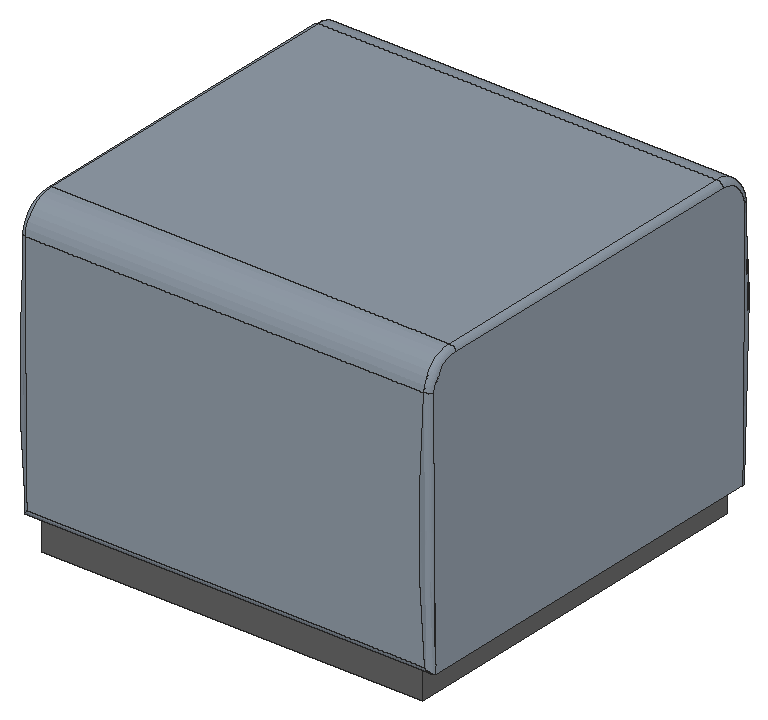
Revit family "FU_Modular_Sandler_Pau 1610TA", category Furniture, Revit 2020
Family settings
  OmniClass Number = 23.40.20.00
  OmniClass Title = General Furniture and Specialties
  Work Plane-Based = No
  Always vertical = Yes
  Cut with Voids When Loaded = No
  Shared = No
  Room Calculation Point = No
Parameters (values of type "PAU1610TA")
  Width = 550 mm
  URL = "https://www.sandlerseating.com/product/pau1610ta/"
  Seat [instance] = Fabric - Gravity - Frozen CPC27
  Model = "PAU1610TA"
  Manufacturer = "Sandler"
  Height = 420 mm
  Frame [instance] = Lacquer - W1 - B00 Black
  Description = "Upholstered modular seat measuring 55x55cm."
  Depth = 550 mm
  Default Elevation = 0 mm
Reference planes
  plane 1 "Center (Front/Back)": y = 0
  plane 2: z = 0
  plane 3 "Center (Left/Right)": x = 0
  plane 4 "Right": x = -275
  plane 5 "Left": x = 275
  plane 6 "Back": y = 275
  plane 7 "Front": y = -275
  plane 8 "Height": z = 420
  plane 9 "Base height": z = 40
  plane 10 "Right Base": x = -255
  plane 11 "Left Base": x = 255
  plane 12 "Front Base": y = -255
  plane 13 "Back Base": y = 255
Forms (mm)
  Extrusion 1, solid, material "Lacquer - W1 - B00 Black" <- "Frame"
    sketch origin (0, 0, 0) x (1, 0, 0) y (0, 1, 0)
      loop
        line (-255, 255) -> (-255, -255) -> (255, -255) -> (255, 255) -> (-255, 255)
    from 0 to 40
  Extrusion 2, solid, material "Fabric - Gravity - Frozen CPC27" <- "Seat"
    sketch origin (0, 0, 0) x (0, 1, 0) y (0, 0, 1)
      loop
        arc (-266.253, 48.99) -> (-263.008, 42.58) -> (-256.304, 40) r 10
        line (-256.304, 40) -> (256.304, 40)
        arc (256.304, 40) -> (263.008, 42.58) -> (266.253, 48.99) r 10
        arc (266.253, 48.99) -> (275.049, 214.459) -> (267.907, 380.008) r 1722.784
        arc (267.907, 380.008) -> (253.752, 408.499) -> (224.09, 420) r 44
        line (224.09, 420) -> (-224.09, 420)
        arc (-224.09, 420) -> (-253.752, 408.499) -> (-267.907, 380.008) r 44
        arc (-267.907, 380.008) -> (-275.049, 214.459) -> (-266.253, 48.99) r 1722.784
    from -275 to 275
  Sweep 3, void
    path in 3D
      loop
        arc (-275, -260.567, 0) -> (-275, -274.749, 189.801) -> (-275, -267.907, 380.008) r 1722.784
        arc (-275, -267.907, 380.008) -> (-275, -253.752, 408.499) -> (-275, -224.09, 420) r 44
        line (-275, -224.09, 420) -> (-275, 224.09, 420)
        arc (-275, 224.09, 420) -> (-275, 253.752, 408.499) -> (-275, 267.907, 380.008) r 44
        arc (-275, 267.907, 380.008) -> (-275, 274.749, 189.801) -> (-275, 260.567, 0) r 1722.784
    profile "Pro_edgeCut_10mm : Pro_edgeCut_10mm" origin (-275, 0, 420) x (-1, 0, 0) y (0, 0, 1)
      loop
        line (21.413, -6.871) -> (-6.871, 21.413) -> (-13.942, 0.2) -> (-9.8, 0.2)
        arc (-9.8, 0.2) -> (-2.729, -2.729) -> (0.2, -9.8) r 10
        line (0.2, -9.8) -> (0.2, -13.942) -> (21.413, -6.871)
  Sweep 4, void
    path in 3D
      loop
        arc (275, -260.567, 0) -> (275, -274.749, 189.801) -> (275, -267.907, 380.008) r 1722.784
        arc (275, -267.907, 380.008) -> (275, -253.752, 408.499) -> (275, -224.09, 420) r 44
        line (275, -224.09, 420) -> (275, 224.09, 420)
        arc (275, 224.09, 420) -> (275, 253.752, 408.499) -> (275, 267.907, 380.008) r 44
        arc (275, 267.907, 380.008) -> (275, 274.749, 189.801) -> (275, 260.567, 0) r 1722.784
    profile "Pro_edgeCut_10mm : Pro_edgeCut_10mm" origin (275, 0, 420) x (-1, 0, 0) y (0, 0, 1)
      loop
        line (6.871, 21.413) -> (-21.413, -6.871) -> (-0.2, -13.942) -> (-0.2, -9.8)
        arc (-0.2, -9.8) -> (2.729, -2.729) -> (9.8, 0.2) r 10
        line (9.8, 0.2) -> (13.942, 0.2) -> (6.871, 21.413)
Cuts and joins
  Sweep 3, Sweep 4 cuts Extrusion 2
Lines and regions (mm)
  sketch lines
    curve 1: line (-275, -224.09, 420) -> (-275, 224.09, 420)
    curve 2: arc (-275, 267.907, 380.008) -> (-275, 253.752, 408.499) -> (-275, 224.09, 420) r 44
    curve 3: arc (-275, 260.567, 0) -> (-275, 274.749, 189.801) -> (-275, 267.907, 380.008) r 1722.784
    curve 4: arc (-275, -224.09, 420) -> (-275, -253.752, 408.499) -> (-275, -267.907, 380.008) r 44
    curve 5: arc (-275, -267.907, 380.008) -> (-275, -274.749, 189.801) -> (-275, -260.567, 0) r 1722.784
    curve 6: line (275, -224.09, 420) -> (275, 224.09, 420)
    curve 7: arc (275, 267.907, 380.008) -> (275, 253.752, 408.499) -> (275, 224.09, 420) r 44
    curve 8: arc (275, 260.567, 0) -> (275, 274.749, 189.801) -> (275, 267.907, 380.008) r 1722.784
    curve 9: arc (275, -224.09, 420) -> (275, -253.752, 408.499) -> (275, -267.907, 380.008) r 44
    curve 10: arc (275, -267.907, 380.008) -> (275, -274.749, 189.801) -> (275, -260.567, 0) r 1722.784
Dimensions and locks
  equal spacing: plane 4 "Right", plane 3 "Center (Left/Right)", plane 5 "Left"
  "Width": plane 4 "Right" to plane 5 "Left"
  equal spacing: plane 6 "Back", plane 1 "Center (Front/Back)", plane 7 "Front"
  "Depth": plane 6 "Back" to plane 7 "Front"
  "Height": plane 8 "Height" to level
  plane 9 "Base height" to level = 40 mm
  locked: plane 4 "Right" to plane 10 "Right Base" at 20
  locked: plane 12 "Front Base" to plane 7 "Front" at 20
  locked: plane 13 "Back Base" to plane 6 "Back" at 20
  locked: plane 11 "Left Base" to plane 5 "Left" at 20
  aligned and locked: level to plane 2
  aligned and locked: plane 9 "Base height" to Extrusion 1
  aligned and locked: plane 4 "Right" to Extrusion 2
  aligned and locked: Extrusion 2 to plane 5 "Left"
Automatic sketch dimensions
  Extrusion 1 sketch curve to plane 10 "Right Base" = 0 mm
  Extrusion 1 sketch curve to plane 11 "Left Base" = 0 mm
  Extrusion 1 sketch curve to plane 12 "Front Base" = 0 mm
  plane 13 "Back Base" to Extrusion 1 sketch curve = 0 mm
  Extrusion 2 sketch curve to plane 9 "Base height" = 0 mm
  Extrusion 2 sketch curve to plane 8 "Height" = 0 mm
  Extrusion 2 sketch curve to plane 13 "Back Base" = 1.304 mm
  plane 13 "Back Base" to Extrusion 2 sketch curve = 30.91 mm
  plane 12 "Front Base" to Extrusion 2 sketch curve = 30.91 mm
  Extrusion 2 sketch curve to plane 12 "Front Base" = 1.304 mm
  plane 9 "Base height" to Extrusion 2 sketch curve = 183.07 mm  (x2)
  Extrusion 2 sketch curve to plane 7 "Front" = 1172.714 mm
  plane 6 "Back" to Extrusion 2 sketch curve = 1172.714 mm
  plane 9 "Base height" to Extrusion 2 sketch curve = 10 mm  (x2)
  Extrusion 2 sketch curve to Extrusion 2 sketch curve = 44 mm  (x2)
  Extrusion 2 sketch curve to Extrusion 2 sketch curve = 0 mm  (x2)
